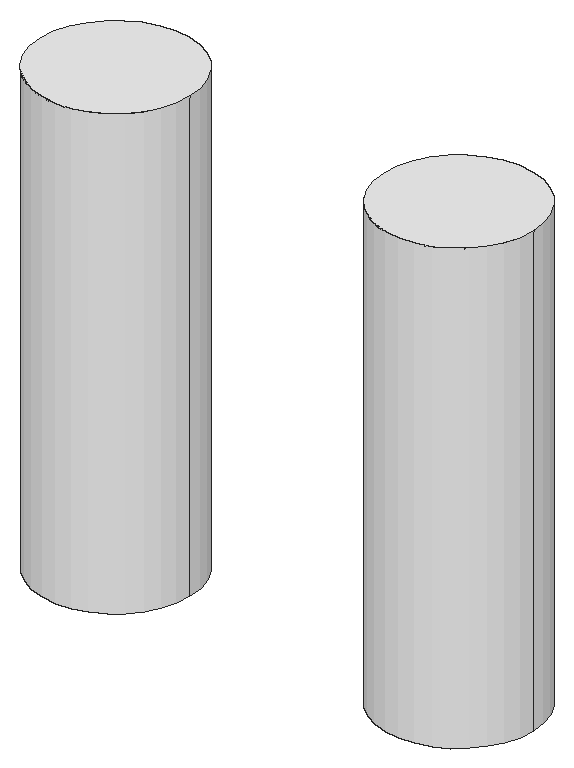
Revit family "45022283", category Plumbing Fixtures, Revit 2018
Family settings
  Round Connector Dimension = Use Diameter
  Part Type = Normal
  OmniClass Number = 23.45.55.00
  OmniClass Title = Sanitary Faucets, Wastes
  Work Plane-Based = No
  Always vertical = Yes
  Cut with Voids When Loaded = No
  Shared = No
  Room Calculation Point = No
Parameters (values of type "45022283 Washbasin faucet ")
  WorkingPressure = "50 - 1000 kPa"
  Working Pressure = "50 - 1000 kPa"
  WarrantyStartDate [instance] = "n/a"
  WarrantyGuarantorParts = "n/a"
  WarrantyGuarantorLabor = "n/a"
  WarrantyDurationUnit = "Year"
  WarrantyDurationParts = "n/a"
  WarrantyDurationLabor = "n/a"
  WarrantyDescription = "http://warranty.hansa.com"
  Warranty Information URL = "http://warranty.hansa.com"
  VersionDate = "01/07/2022"
  Version = "3"  # constant formula
  ValvePattern = "n/a"
  ValveOperation = "n/a"
  ValveMechanism = "n/a"
  Uniclass2015Reference = "Pr_40_20_87_96"
  Uniclass2015Description = "Washbasin manual water supply sets"
  Uniclass2 = "Pr_40_30_96_96"
  URL REACH = "http://static.hansa.com/doc/reach"
  URL Declaration of Conformity = "http://static.hansa.com/DoC/45022283"
  URL DVGW = "http://static.hansa.com/DVGW/45022283"
  URL ABP = "http://static.hansa.com/ABP/45022283"
  URL = ""
  UNSPSC Class Number = "30181700 Faucets or taps"
  TestPressure = "n/a"
  Temperature Adjustments = "Limitation option for maximum temperature and flow-rate ;Adjustable hot water stop (included, retrofittable)"
  Temperature = "Temperature limiter"
  Technical DataSheet URL = "http://www.hansa.com/datasheet/45022283/en"
  TagNumber [instance] = "n/a"
  SustainabilityPerformance = "n/a"
  Surface treatment = "Chrome"
  Spout Type = "Fixed spout"
  Spout Projection = "115 mm"
  Spare-Part Information URL = "http://static.hansa.com/sp/45022283"
  Size = "50x155x165 mm"
  Shape = "Sculptured"
  SerialNumber [instance] = "n/a"
  Sales Package dimensions (LxWxH) = "380 x 180 x 74"
  Revision = "2"  # constant formula
  ReplacementCost = "n/a"
  ProductInformation = "n/a"
  Product URL = "http://static.hansa.com/45022283"
  Product Image URL = "http://static.hansa.com/image/45022283"
  Product Family = "HANSAPINTO XL"
  Product Code = "45022283"
  OperatingMechanismMaterial = "n/a"
  NominalWidth = 50 mm
  NominalHeight = 165.5 mm
  NominalDepth = 152.5 mm
  Noise Class = "I (ISO 3822)"
  Name_en = "45022283 Washbasin faucet"
  Name = "45022283 Washbasin faucet"
  NBSReference = "45-35-70/371"
  NBSDescription = "Water supply fittings for wash basins and troughs"
  Mounting Holes = "1 hole"
  ModelReference = "45022283"
  ModelNumber = "n/a"
  Model = "45022283 Washbasin faucet"
  Mobile Product Information URL = "http://mpi.hansa.com/45022283"
  Mechanical Parts = "ø 40 mm ceramic cartridge for flow and temperature control"
  Max. Hot Water Supply = 70 °C
  Material = "Brass"
  Market = "Austria;Belgium;Czech Republic;Germany;Spain;France;International;Italy;Netherlands;Slovakia"
  ManufacturerURL = "http://www.hansa.com"
  ManufacturerName = "HANSA"
  Manufacturer = "HANSA"
  Lever Handle = "Hot/Cold symbols;Single operating lever/handle"
  Interactive AR View URL = "https://static.hansa.com/AR/45022283"
  InstallationDate [instance] = "n/a"
  Installation and Maintenance Guide URL = "http://static.hansa.com/manual/45022283"
  Installation Type = "Deck mounted"
  InletConnectionSize = 10 mm
  IfcExportType = "FAUCET"  # constant formula
  IfcExportAs = "IfcValveType"  # constant formula
  Group = "Washbasin faucet"
  Grade = "n/a"
  FlowCoefficient = 0
  Flow Rate At 300kPa With Flow Controller = 0.1 L/s
  Flow Drawing URL = "http://static.hansa.com/flowchart/45022283"
  Finish = "Polished"
  Features = "Single-lever"
  FaucetMainMaterial = Brass
  FDV Document URL = "http://www.hansa.com/datasheet/45022283/en/fdv"
  ExpectedLife = "n/a"
  Excluded Items = "Without pop-up waste;Without draw-rod opening"
  ETIM Class Number = "EC011328 Washbasin mixing tap"
  EN Standard = "EN 817"
  EAN Number = "4057304003073"
  DurationUnit = "Year"
  Dimension Drawing URL = "http://static.hansa.com/dimdrw/45022283"
  Description = ""
  DefaultElevation [instance] = 900 mm
  Constituents = "n/a"
  Connection Size = "G3/8"
  Connection = "Flexible inlet pipes"
  Color = "Chrome"
  CodePerformance = "n/a"
  CloseOffRating = 0
  Category = "Bathroom"
  Catalog Drawing URL = "http://static.hansa.com/catdrw/45022283"
  Brand = "HANSA"
  BodyMaterial = "Brass"
  Barcode [instance] = "n/a"
  Backflow Prevention EN1717 = "AA"
  BIMObjectName = "45022283"
  Author = "BIMStone"
  AssetType = "Fixed"
  AssetIdentifier [instance] = "n/a"
  Approval DVGW = "DW-6506CS0561"
  Approval ABP = "P-IX 29684/IA"
  Ambience photo = "http://static.hansa.com/ambience/45022283"
  Aerator = "PCA® - constant flow rate regardless of pressure variations;Standard aerator"
  Advanced Features = "3S-installation system for safe and simple mounting;Inner body made of DZR brass"
  AccessibilityPerformance = "n/a"
  3D View = "https://static.hansa.com/3D/45022283"
  2D/3D/BIM Files URL = "http://static.hansa.com/bim/45022283"
Reference planes
  plane 1 "Center (Front/Back)": y = 0
  plane 2: z = 0
  plane 3 "Center (Left/Right)": x = 0
  plane 4: x = -25
  plane 5: z = 900
  plane 6: z = 870
  plane 7: y = -152.5
  plane 8: x = 25
  plane 9: z = 1065.5
Forms (mm)
  Extrusion 1, solid, material "Brass" <- "FaucetMainMaterial"
    sketch origin (-44.989, 11.178, 0) x (1, 0, 0) y (0, 1, 0)
      loop
        circle (33.489, -36) r 5
      loop
        circle (56.489, -36) r 5
    from 870 to 900
Dimensions and locks
  "DefaultElevation": plane 5 to level
  locked: plane 5 to plane 6 at 30
  "NominalDepth": plane 7 to plane 1 "Center (Front/Back)"
  "NominalHeight": plane 9 to plane 5
  equal spacing: plane 4, plane 3 "Center (Left/Right)", plane 8
  "NominalWidth": plane 4 to plane 8
  "InletConnectionSize": diameter of Extrusion 1 sketch curve  (x2)
  aligned and locked: level to plane 2
  aligned and locked: plane 5 to Extrusion 1
  aligned and locked: Extrusion 1 to plane 6
  aligned and locked: nested 2 to plane 5
Automatic sketch dimensions
  Extrusion 1 sketch curve to plane 3 "Center (Left/Right)" = 11.5 mm
  plane 3 "Center (Left/Right)" to Extrusion 1 sketch curve = 11.5 mm
  plane 1 "Center (Front/Back)" to Extrusion 1 sketch curve = 24.822 mm  (x2)
Nested families
  nested 1: "Symbol" at (0, 0, 0), type "Symbol", detail levels coarse
  nested 2: "45022283_p" at (0, 0, 900), Material <- "FaucetMainMaterial", type "45022283_p"
    with Material Brass
Connectors
  piping at (-11.5, -24.822, 870), diameter 10, driven by "InletConnectionSize"
    settings: on Extrusion 1, index 1, connector inside diameter 609.6 mm, connector length 0 mm, flow factor 0, pipe flow 0.1 L/s, pressure drop 0.0 Pa, fitting loss kfactor 0, connector angle 0.00°, fixture units 0, engagement length 0 mm, angle of deflection 0.00°, flow configuration 1, flow direction 1, fitting loss method 0, system type 19, joint type 0, gender type 0, connector reference index -1, connector utility 0, adjustable connector no, is connector primary yes, connector description ""
  piping at (11.5, -24.822, 870), diameter 10, driven by "InletConnectionSize"
    settings: on Extrusion 1, index 2, connector inside diameter 609.6 mm, connector length 0 mm, flow factor 0, pipe flow 0.1 L/s, pressure drop 0.0 Pa, fitting loss kfactor 0, connector angle 0.00°, fixture units 0, engagement length 0 mm, angle of deflection 0.00°, flow configuration 1, flow direction 1, fitting loss method 0, system type 20, joint type 0, gender type 0, connector reference index -1, connector utility 0, adjustable connector no, is connector primary no, connector description ""
Definition of nested family "Symbol"
  Reference planes
    plane 1: y = 0
    plane 2: x = 0
  Lines and regions (mm)
    detail lines
      curve 1: line (0, 0, 0) -> (0, -1.8, 0)
      curve 2: line (-0.4, -1.1, 0) -> (0.4, -1.1, 0)
      curve 3: line (-0.4, -1.4, 0) -> (0.4, -1.4, 0)
      curve 4: line (0.863, 0, 0) -> (-0.863, 0, 0)
      curve 5: circle (-1.163, 0, 0) r 0.3 normal (0, 0, -1)
      curve 6: circle (1.163, 0, 0) r 0.3 normal (0, 0, 1)
